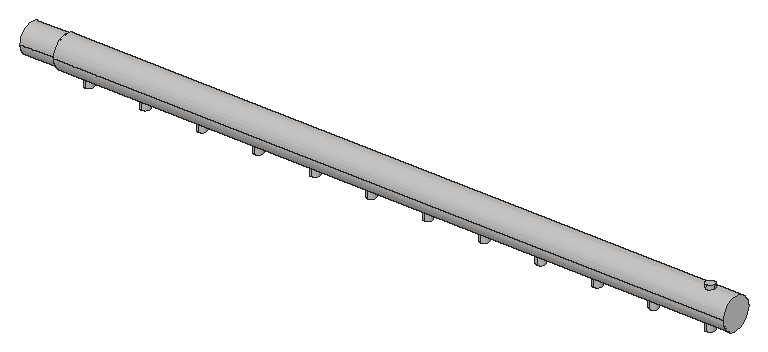
Revit family "BIMLIB_Коллектор_462_12_РОСТерм", category Оборудование, Revit 2017
Family settings
  Размер круглого соединителя = Использовать диаметр
  Тип детали = Нормальный
  На основе рабочей плоскости = Нет
  Всегда вертикально = Да
  При загрузке вырезать с полостями = Нет
  Общий = Нет
  Точка расчета площади = Нет
Parameters (values of type "Коллектор HEIZEN 462 Ду50 на 12 выходов")
  РТ_Шаг = 100 mm
  РТ_l = 100 mm  # constant formula
  РТ_R1 = РТ_R + 5 mm  # 32 mm
  РТ_R = 27 mm
  РТ_R_низ = РТ_DN_низ / 2  # 7.5 mm
  РТ_DN3 = 15 mm  # constant formula
  Описание = "Коллекторы Heizen изготовлены из высококачественной латуни и нержавеющей стали, что исключает риск протечек. Коллекторы могут быть оснащены различными видами арматуры: ручными балансировочными клапанами,ручными запорными клапанами, термостатическими клапанами, расходомерами, воздухоотводчиками и дренажными кранами."
  РТ_DN_низ = 15 mm  # constant formula
  РТ_DN_бок = 50 mm
  Изготовитель = "РОСТерм"  # constant formula
  URL = "http://rostherm.ru/"
  BL_Разработано = "support@bimlib.ru"  # constant formula
  BL_Email = "rostherm@bimlib.ru"  # constant formula
  BL_BIM library = "https://bimlib.pro/manufacturer/rosterm/1632/"
  ADSK_Расход жидкости [instance] = 0.0 L/s
  ADSK_Примечание = ""
  ADSK_Позиция = ""
  ADSK_Обозначение = "ГОСТ 12.2.063-2015"  # constant formula
  ADSK_Наименование краткое = "HEIZEN 462 Ду50"
  ADSK_Наименование = "Коллектор HEIZEN 462 для систем отопения, горячего и холодного водоснабжения сварной Ду50 на 12 выходов"
  ADSK_Материал = BIMLIB_Нержавеющая_сталь_РОСТерм
  ADSK_Масса_Текст = ""
  ADSK_Масса = 0
  ADSK_Марка = "HEIZEN 462"  # constant formula
  ADSK_Код изделия = "462-50-10-12"
  ADSK_Завод-изготовитель = "Heizen"  # constant formula
  ADSK_Единица измерения = "шт."  # constant formula
  ADSK_Версия Revit = "2017"  # constant formula
  ADSK_URL страницы изделия = "http://rostherm.ru/kollektory/"
  ADSK_URL документации изделия = "http://rostherm.ru/"
Types (4, lengths in mm): name | РТ_R1 | РТ_R | РТ_DN_бок | ADSK_Наименование краткое | ADSK_Наименование | ADSK_Код изделия
  Коллектор HEIZEN 462 Ду50 на 12 выходов | 32 | 27 | 50 | "HEIZEN 462 Ду50" | "Коллектор HEIZEN 462 для систем отопения, горячего и холодного водоснабжения сварной Ду50 на 12 выходов" | "462-50-10-12"
  Коллектор HEIZEN 462 Ду40 на 12 выходов | 27 | 22 | 40 | "HEIZEN 462 Ду40" | "Коллектор HEIZEN 462 для систем отопения, горячего и холодного водоснабжения сварной Ду40 на 12 выходов" | "462-40-10-12"
  Коллектор HEIZEN 462 Ду32 на 12 выходов | 23 | 18 | 32 | "HEIZEN 462 Ду32" | "Коллектор HEIZEN 462 для систем отопения, горячего и холодного водоснабжения сварной Ду32 на 12 выходов" | "462-32-10-12"
  Коллектор HEIZEN 462 Ду25 на 12 выходов | 20 | 15 | 25 | "HEIZEN 462 Ду25" | "Коллектор HEIZEN 462 для систем отопения, горячего и холодного водоснабжения сварной Ду25 на 12 выходов" | "462-25-10-12"
Reference planes
  plane 1 "По центру (Вперед/Назад)": y = 0
  plane 2: z = 0
  plane 3 "По центру (Влево/Вправо)": x = 0
  plane 4: x = 100
  plane 5: x = 1185
  plane 6: x = 60
  plane 7: z = 32
Forms (mm)
  Extrusion 1, solid, material "BIMLIB_Нержавеющая_сталь_РОСТерм" <- "ADSK_Материал", detail levels medium+fine
    sketch origin (65, 0, 0) x (0, 1, 0) y (0, 0, 1)
      loop
        circle (0, 0) r 27
    from -5 to 1165
  Sweep 2, solid, material "BIMLIB_Нержавеющая_сталь_РОСТерм" <- "ADSK_Материал", detail levels medium+fine
    path origin (65, 0, 7.5) x (1, 0, 0) y (0, 0, 1)
      loop
        line (35, -7.5) -> (35, -47.5)
    profile origin (100, 0, -20) x (0, -1, 0) y (1, 0, 0)
      loop
        circle (0, 0) r 7.5
  Sweep 3, solid, material "BIMLIB_Нержавеющая_сталь_РОСТерм" <- "ADSK_Материал", detail levels medium+fine
    path origin (1150, 0, 7.5) x (1, 0, 0) y (0, 0, 1)
      loop
        line (35, -7.5) -> (35, -47.5)
    profile origin (1185, 0, -20) x (0, -1, 0) y (1, 0, 0)
      loop
        circle (0, 0) r 7.5
  Sweep 4, solid, material "BIMLIB_Нержавеющая_сталь_РОСТерм" <- "ADSK_Материал", detail levels medium+fine
    path origin (163.636, 0, 7.5) x (1, 0, 0) y (0, 0, 1)
      loop
        line (35, -7.5) -> (35, -47.5)
    profile origin (198.636, 0, -20) x (0, -1, 0) y (1, 0, 0)
      loop
        circle (0, 0) r 7.5
  Sweep 5, solid, material "BIMLIB_Нержавеющая_сталь_РОСТерм" <- "ADSK_Материал", detail levels medium+fine
    path origin (262.273, 0, 7.5) x (1, 0, 0) y (0, 0, 1)
      loop
        line (35, -7.5) -> (35, -47.5)
    profile origin (297.273, 0, -20) x (0, -1, 0) y (1, 0, 0)
      loop
        circle (0, 0) r 7.5
  Sweep 6, solid, material "BIMLIB_Нержавеющая_сталь_РОСТерм" <- "ADSK_Материал", detail levels medium+fine
    path origin (360.909, 0, 7.5) x (1, 0, 0) y (0, 0, 1)
      loop
        line (35, -7.5) -> (35, -47.5)
    profile origin (395.909, 0, -20) x (0, -1, 0) y (1, 0, 0)
      loop
        circle (0, 0) r 7.5
  Sweep 7, solid, material "BIMLIB_Нержавеющая_сталь_РОСТерм" <- "ADSK_Материал", detail levels medium+fine
    path origin (459.545, 0, 7.5) x (1, 0, 0) y (0, 0, 1)
      loop
        line (35, -7.5) -> (35, -47.5)
    profile origin (494.545, 0, -20) x (0, -1, 0) y (1, 0, 0)
      loop
        circle (0, 0) r 7.5
  Sweep 8, solid, material "BIMLIB_Нержавеющая_сталь_РОСТерм" <- "ADSK_Материал", detail levels medium+fine
    path origin (558.182, 0, 7.5) x (1, 0, 0) y (0, 0, 1)
      loop
        line (35, -7.5) -> (35, -47.5)
    profile origin (593.182, 0, -20) x (0, -1, 0) y (1, 0, 0)
      loop
        circle (0, 0) r 7.5
  Sweep 9, solid, material "BIMLIB_Нержавеющая_сталь_РОСТерм" <- "ADSK_Материал", detail levels medium+fine
    path origin (656.818, 0, 7.5) x (1, 0, 0) y (0, 0, 1)
      loop
        line (35, -7.5) -> (35, -47.5)
    profile origin (691.818, 0, -20) x (0, -1, 0) y (1, 0, 0)
      loop
        circle (0, 0) r 7.5
  Sweep 10, solid, material "BIMLIB_Нержавеющая_сталь_РОСТерм" <- "ADSK_Материал", detail levels medium+fine
    path origin (755.455, 0, 7.5) x (1, 0, 0) y (0, 0, 1)
      loop
        line (35, -7.5) -> (35, -47.5)
    profile origin (790.455, 0, -20) x (0, -1, 0) y (1, 0, 0)
      loop
        circle (0, 0) r 7.5
  Sweep 11, solid, material "BIMLIB_Нержавеющая_сталь_РОСТерм" <- "ADSK_Материал", detail levels medium+fine
    path origin (854.091, 0, 7.5) x (1, 0, 0) y (0, 0, 1)
      loop
        line (35, -7.5) -> (35, -47.5)
    profile origin (889.091, 0, -20) x (0, -1, 0) y (1, 0, 0)
      loop
        circle (0, 0) r 7.5
  Sweep 12, solid, material "BIMLIB_Нержавеющая_сталь_РОСТерм" <- "ADSK_Материал", detail levels medium+fine
    path origin (952.727, 0, 7.5) x (1, 0, 0) y (0, 0, 1)
      loop
        line (35, -7.5) -> (35, -47.5)
    profile origin (987.727, 0, -20) x (0, -1, 0) y (1, 0, 0)
      loop
        circle (0, 0) r 7.5
  Sweep 13, solid, material "BIMLIB_Нержавеющая_сталь_РОСТерм" <- "ADSK_Материал", detail levels medium+fine
    path origin (1051.364, 0, 7.5) x (1, 0, 0) y (0, 0, 1)
      loop
        line (35, -7.5) -> (35, -47.5)
    profile origin (1086.364, 0, -20) x (0, -1, 0) y (1, 0, 0)
      loop
        circle (0, 0) r 7.5
  Extrusion 14, solid, material "BIMLIB_Нержавеющая_сталь_РОСТерм" <- "ADSK_Материал", detail levels medium+fine
    sketch origin (50, 0, 0) x (0, 1, 0) y (0, 0, 1)
      loop
        circle (0, 0) r 25
    from -50 to 10
  Extrusion 15, solid, material "BIMLIB_Нержавеющая_сталь_РОСТерм" <- "ADSK_Материал", detail levels medium+fine
    sketch origin (0, 0, 0) x (1, 0, 0) y (0, 1, 0)
      loop
        circle (1185, 0) r 7.5
    from 0 to 32
Lines and regions (mm)
  model lines, detail levels coarse
    curve 1: line (0, 0, 0) -> (1230, 0, 0)
    curve 2: line (100, 0, 0) -> (100, 0, -40)
    curve 3: line (198.636, 0, 0) -> (198.636, 0, -40)
    curve 4: line (297.273, 0, 0) -> (297.273, 0, -40)
    curve 5: line (395.909, 0, 0) -> (395.909, 0, -40)
    curve 6: line (494.545, 0, 0) -> (494.545, 0, -40)
    curve 7: line (593.182, 0, 0) -> (593.182, 0, -40)
    curve 8: line (691.818, 0, 0) -> (691.818, 0, -40)
    curve 9: line (790.455, 0, 0) -> (790.455, 0, -40)
    curve 10: line (889.091, 0, 0) -> (889.091, 0, -40)
    curve 11: line (987.727, 0, 0) -> (987.727, 0, -40)
    curve 12: line (1086.364, 0, 0) -> (1086.364, 0, -40)
    curve 13: line (1185, 0, 0) -> (1185, 0, -40)
Dimensions and locks
  "РТ_l": plane 4 to plane 3 "По центру (Влево/Вправо)"
  Sweep 2 sketch curve to Sweep 2 sketch curve = 40 mm
  Sweep 3 sketch curve to Sweep 3 sketch curve = 40 mm
  equal spacing: group 1, group 3, group 4, group 5, group 6, group 7, group 8, group 9, group 10, group 11, group 12, group 2  (x3)
  Sweep 4 sketch curve to Sweep 4 sketch curve = 40 mm
  Sweep 5 sketch curve to Sweep 5 sketch curve = 40 mm
  Sweep 6 sketch curve to Sweep 6 sketch curve = 40 mm
  Sweep 7 sketch curve to Sweep 7 sketch curve = 40 mm
  Sweep 8 sketch curve to Sweep 8 sketch curve = 40 mm
  Sweep 9 sketch curve to Sweep 9 sketch curve = 40 mm
  Sweep 10 sketch curve to Sweep 10 sketch curve = 40 mm
  Sweep 11 sketch curve to Sweep 11 sketch curve = 40 mm
  Sweep 12 sketch curve to Sweep 12 sketch curve = 40 mm
  Sweep 13 sketch curve to Sweep 13 sketch curve = 40 mm
  locked: plane 4 to plane 6 at 40
  "РТ_R1": plane 7 to level
  "РТ_R": radius of Extrusion 1 sketch curve
  "РТ_R_низ": radius of Sweep 2 sketch curve
  "РТ_R_низ": radius of Sweep 3 sketch curve
  "РТ_R_низ": radius of Sweep 4 sketch curve
  "РТ_R_низ": radius of Sweep 5 sketch curve
  "РТ_R_низ": radius of Sweep 6 sketch curve
  "РТ_R_низ": radius of Sweep 7 sketch curve
  "РТ_R_низ": radius of Sweep 8 sketch curve
  "РТ_R_низ": radius of Sweep 9 sketch curve
  "РТ_R_низ": radius of Sweep 10 sketch curve
  "РТ_R_низ": radius of Sweep 11 sketch curve
  "РТ_R_низ": radius of Sweep 12 sketch curve
  "РТ_R_низ": radius of Sweep 13 sketch curve
  "РТ_DN_бок": diameter of Extrusion 14 sketch curve
  "РТ_DN_низ": diameter of Extrusion 15 sketch curve
  aligned and locked: level to plane 2
  aligned and locked: plane 5 to Sweep 3
  aligned and locked: Sweep 3 to level
  aligned and locked: Extrusion 1 to plane 6
  aligned and locked: Extrusion 14 to plane 3 "По центру (Влево/Вправо)"
  aligned and locked: Extrusion 14 to Extrusion 1
  aligned and locked: plane 7 to Extrusion 15
Automatic sketch dimensions
  Sweep 2 sketch curve to profile plane = 0 mm
  profile plane to Sweep 2 sketch curve = 0 mm
  Sweep 3 sketch curve to profile plane = 0 mm
  profile plane to Sweep 3 sketch curve = 0 mm
  Sweep 4 sketch curve to profile plane = 0 mm
  profile plane to Sweep 4 sketch curve = 0 mm
  Sweep 5 sketch curve to profile plane = 0 mm
  profile plane to Sweep 5 sketch curve = 0 mm
  Sweep 6 sketch curve to profile plane = 0 mm
  profile plane to Sweep 6 sketch curve = 0 mm
  Sweep 7 sketch curve to profile plane = 0 mm
  profile plane to Sweep 7 sketch curve = 0 mm
  Sweep 8 sketch curve to profile plane = 0 mm
  profile plane to Sweep 8 sketch curve = 0 mm
  Sweep 9 sketch curve to profile plane = 0 mm
  profile plane to Sweep 9 sketch curve = 0 mm
  Sweep 10 sketch curve to profile plane = 0 mm
  profile plane to Sweep 10 sketch curve = 0 mm
  Sweep 11 sketch curve to profile plane = 0 mm
  profile plane to Sweep 11 sketch curve = 0 mm
  Sweep 12 sketch curve to profile plane = 0 mm
  profile plane to Sweep 12 sketch curve = 0 mm
  Sweep 13 sketch curve to profile plane = 0 mm
  profile plane to Sweep 13 sketch curve = 0 mm
  curve 1 to level = 0 mm
  curve 1 to plane 3 "По центру (Влево/Вправо)" = 0 mm
  plane 5 to curve 1 = 45 mm
  plane 4 to curve 3 = 98.636 mm
  curve 3 to level = 40 mm
  curve 2 to plane 4 = 0 mm
  curve 2 to curve 2 = 40 mm
  curve 13 to plane 5 = 0 mm
  curve 4 to level = 40 mm
  curve 3 to curve 4 = 98.636 mm
  curve 4 to curve 5 = 98.636 mm
  curve 5 to curve 6 = 98.636 mm
  curve 7 to level = 40 mm
  curve 6 to curve 7 = 98.636 mm
  curve 7 to curve 8 = 98.636 mm
  curve 8 to curve 9 = 98.636 mm
  curve 10 to level = 40 mm
  curve 9 to curve 10 = 98.636 mm
  curve 10 to curve 11 = 98.636 mm
  curve 12 to plane 5 = 98.636 mm
  curve 11 to curve 11 = 40 mm
  curve 12 to curve 12 = 40 mm
  curve 9 to curve 9 = 40 mm
  curve 8 to curve 8 = 40 mm
  curve 5 to curve 5 = 40 mm
  curve 13 to curve 13 = 40 mm
  curve 6 to curve 6 = 40 mm
  Extrusion 1 sketch curve to level = 0 mm
  Extrusion 1 sketch curve to plane 1 "По центру (Вперед/Назад)" = 0 mm
  plane 1 "По центру (Вперед/Назад)" to Extrusion 15 sketch curve = 0 mm
  Extrusion 15 sketch curve to plane 5 = 0 mm
  Extrusion 14 sketch curve to level = 0 mm
  Extrusion 14 sketch curve to plane 1 "По центру (Вперед/Назад)" = 0 mm
Connectors
  piping at (100, 0, -40), diameter 15, driven by "РТ_DN_низ", driven by "ADSK_Расход жидкости"
    settings: on Sweep 2, index 3, connector inside diameter 609.6 mm, connector length 0 mm, flow factor 0, pipe flow 0.0 L/s, pressure drop 0.0 Pa, fitting loss kfactor 0, connector angle 0.00°, fixture units 0, engagement length 0 mm, angle of deflection 0.00°, flow configuration 0, flow direction 2, fitting loss method 0, system type 7, joint type 0, gender type 0, connector reference index -1, connector utility 0, adjustable connector no, is connector primary yes, connector description ""
  piping at (198.636, 0, -40), diameter 15, driven by "РТ_DN_низ", driven by "ADSK_Расход жидкости"
    settings: on Sweep 4, index 4, connector inside diameter 609.6 mm, connector length 0 mm, flow factor 0, pipe flow 0.0 L/s, pressure drop 0.0 Pa, fitting loss kfactor 0, connector angle 0.00°, fixture units 0, engagement length 0 mm, angle of deflection 0.00°, flow configuration 0, flow direction 2, fitting loss method 0, system type 7, joint type 0, gender type 0, connector reference index -1, connector utility 0, adjustable connector no, is connector primary no, connector description ""
  piping at (297.273, 0, -40), diameter 15, driven by "РТ_DN_низ", driven by "ADSK_Расход жидкости"
    settings: on Sweep 5, index 5, connector inside diameter 609.6 mm, connector length 0 mm, flow factor 0, pipe flow 0.0 L/s, pressure drop 0.0 Pa, fitting loss kfactor 0, connector angle 0.00°, fixture units 0, engagement length 0 mm, angle of deflection 0.00°, flow configuration 0, flow direction 2, fitting loss method 0, system type 7, joint type 0, gender type 0, connector reference index -1, connector utility 0, adjustable connector no, is connector primary no, connector description ""
  piping at (395.909, 0, -40), diameter 15, driven by "РТ_DN_низ", driven by "ADSK_Расход жидкости"
    settings: on Sweep 6, index 6, connector inside diameter 609.6 mm, connector length 0 mm, flow factor 0, pipe flow 0.0 L/s, pressure drop 0.0 Pa, fitting loss kfactor 0, connector angle 0.00°, fixture units 0, engagement length 0 mm, angle of deflection 0.00°, flow configuration 0, flow direction 2, fitting loss method 0, system type 7, joint type 0, gender type 0, connector reference index -1, connector utility 0, adjustable connector no, is connector primary no, connector description ""
  piping at (1185, 0, -40), diameter 15, driven by "РТ_DN_низ", driven by "ADSK_Расход жидкости"
    settings: on Sweep 3, index 14, connector inside diameter 609.6 mm, connector length 0 mm, flow factor 0, pipe flow 0.0 L/s, pressure drop 0.0 Pa, fitting loss kfactor 0, connector angle 0.00°, fixture units 0, engagement length 0 mm, angle of deflection 0.00°, flow configuration 0, flow direction 2, fitting loss method 0, system type 7, joint type 0, gender type 0, connector reference index -1, connector utility 0, adjustable connector no, is connector primary no, connector description ""
  piping at (494.545, 0, -40), diameter 15, driven by "РТ_DN_низ", driven by "ADSK_Расход жидкости"
    settings: on Sweep 7, index 27, connector inside diameter 609.6 mm, connector length 0 mm, flow factor 0, pipe flow 0.0 L/s, pressure drop 0.0 Pa, fitting loss kfactor 0, connector angle 0.00°, fixture units 0, engagement length 0 mm, angle of deflection 0.00°, flow configuration 0, flow direction 2, fitting loss method 0, system type 7, joint type 0, gender type 0, connector reference index -1, connector utility 0, adjustable connector no, is connector primary no, connector description ""
  piping at (593.182, 0, -40), diameter 15, driven by "РТ_DN_низ", driven by "ADSK_Расход жидкости"
    settings: on Sweep 8, index 29, connector inside diameter 609.6 mm, connector length 0 mm, flow factor 0, pipe flow 0.0 L/s, pressure drop 0.0 Pa, fitting loss kfactor 0, connector angle 0.00°, fixture units 0, engagement length 0 mm, angle of deflection 0.00°, flow configuration 0, flow direction 2, fitting loss method 0, system type 7, joint type 0, gender type 0, connector reference index -1, connector utility 0, adjustable connector no, is connector primary no, connector description ""
  piping at (691.818, 0, -40), diameter 15, driven by "РТ_DN_низ", driven by "ADSK_Расход жидкости"
    settings: on Sweep 9, index 31, connector inside diameter 609.6 mm, connector length 0 mm, flow factor 0, pipe flow 0.0 L/s, pressure drop 0.0 Pa, fitting loss kfactor 0, connector angle 0.00°, fixture units 0, engagement length 0 mm, angle of deflection 0.00°, flow configuration 0, flow direction 2, fitting loss method 0, system type 7, joint type 0, gender type 0, connector reference index -1, connector utility 0, adjustable connector no, is connector primary no, connector description ""
  piping at (790.455, 0, -40), diameter 15, driven by "РТ_DN_низ", driven by "ADSK_Расход жидкости"
    settings: on Sweep 10, index 33, connector inside diameter 609.6 mm, connector length 0 mm, flow factor 0, pipe flow 0.0 L/s, pressure drop 0.0 Pa, fitting loss kfactor 0, connector angle 0.00°, fixture units 0, engagement length 0 mm, angle of deflection 0.00°, flow configuration 0, flow direction 2, fitting loss method 0, system type 7, joint type 0, gender type 0, connector reference index -1, connector utility 0, adjustable connector no, is connector primary no, connector description ""
  piping at (889.091, 0, -40), diameter 15, driven by "РТ_DN_низ", driven by "ADSK_Расход жидкости"
    settings: on Sweep 11, index 35, connector inside diameter 609.6 mm, connector length 0 mm, flow factor 0, pipe flow 0.0 L/s, pressure drop 0.0 Pa, fitting loss kfactor 0, connector angle 0.00°, fixture units 0, engagement length 0 mm, angle of deflection 0.00°, flow configuration 0, flow direction 2, fitting loss method 0, system type 7, joint type 0, gender type 0, connector reference index -1, connector utility 0, adjustable connector no, is connector primary no, connector description ""
  piping at (987.727, 0, -40), diameter 15, driven by "РТ_DN_низ", driven by "ADSK_Расход жидкости"
    settings: on Sweep 12, index 36, connector inside diameter 609.6 mm, connector length 0 mm, flow factor 0, pipe flow 0.0 L/s, pressure drop 0.0 Pa, fitting loss kfactor 0, connector angle 0.00°, fixture units 0, engagement length 0 mm, angle of deflection 0.00°, flow configuration 0, flow direction 2, fitting loss method 0, system type 7, joint type 0, gender type 0, connector reference index -1, connector utility 0, adjustable connector no, is connector primary no, connector description ""
  piping at (1086.364, 0, -40), diameter 15, driven by "РТ_DN_низ", driven by "ADSK_Расход жидкости"
    settings: on Sweep 13, index 37, connector inside diameter 609.6 mm, connector length 0 mm, flow factor 0, pipe flow 0.0 L/s, pressure drop 0.0 Pa, fitting loss kfactor 0, connector angle 0.00°, fixture units 0, engagement length 0 mm, angle of deflection 0.00°, flow configuration 0, flow direction 2, fitting loss method 0, system type 7, joint type 0, gender type 0, connector reference index -1, connector utility 0, adjustable connector no, is connector primary no, connector description ""
  piping at (0, 0, 0), diameter 50, driven by "РТ_DN_бок", driven by "ADSK_Расход жидкости"
    settings: on Extrusion 14, index 38, connector inside diameter 609.6 mm, connector length 0 mm, flow factor 0, pipe flow 0.0 L/s, pressure drop 0.0 Pa, fitting loss kfactor 0, connector angle 0.00°, fixture units 0, engagement length 0 mm, angle of deflection 0.00°, flow configuration 0, flow direction 1, fitting loss method 0, system type 7, joint type 0, gender type 0, connector reference index -1, connector utility 0, adjustable connector no, is connector primary no, connector description ""
  piping at (1185, 0, 32), diameter 15, driven by "РТ_DN3", driven by "ADSK_Расход жидкости"
    settings: on Extrusion 15, index 39, connector inside diameter 609.6 mm, connector length 0 mm, flow factor 0, pipe flow 0.0 L/s, pressure drop 0.0 Pa, fitting loss kfactor 0, connector angle 0.00°, fixture units 0, engagement length 0 mm, angle of deflection 0.00°, flow configuration 0, flow direction 0, fitting loss method 0, system type 29, joint type 0, gender type 0, connector reference index -1, connector utility 0, adjustable connector no, is connector primary no, connector description ""
